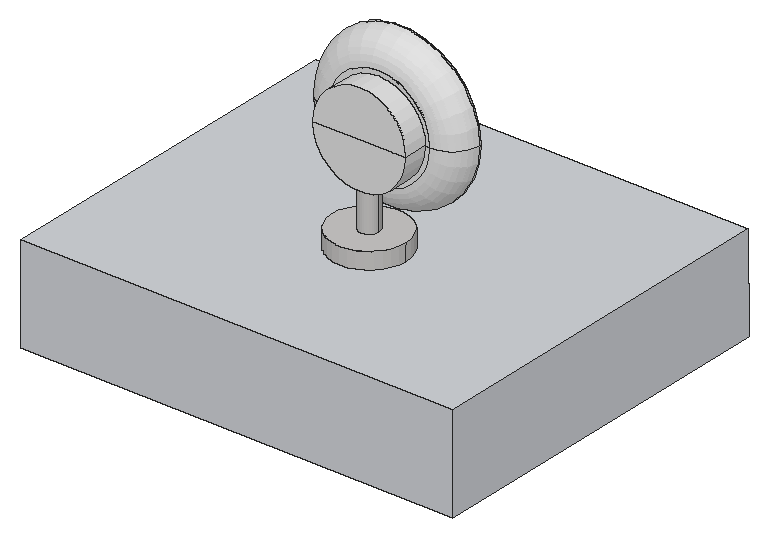
Revit family
Parameters (values of type "as Specified")
  Warranty Duration (Years) = 0
  Unit Width = 0' - 4 3/16"
  Unit Height = 0' - 2 1/32"
  Unit Depth = 0' - 4 3/4"
  URL = "http://www.americanspecialties.com/viewCategories.cfm"
  Mounting Height [instance] = 3' - 0"
  Fixture Material [instance] = Metal - Stainless Steel
  Test Data = ""
  Specification = "http://www.arcat.com/sdspecs/htm/10810asi.htm"
  SpecWizard = ""
  Send Message = "http://www.arcat.com/users.pl?action=UserEmail&company=American%20Specialties,%20Inc.&coid=30448&rep=139&fax=914-476-0688&mf="
  Sales Information = "http://www.americanspecialties.com/contact"
  Revision = "R1_2014-10"
  Product Properties = "http://www.americanspecialties.com/datasheets/7313.pdf"
  Product Data = "http://www.arcat.com/arcatcos/cos30/arc30448.html"
  Model = "7313"
  Manufacturer Website = "http://www.americanspecialties.com/viewCategories.cfm"
  Manufacturer Phone - Toll Free = ""
  Manufacturer Phone = "914-476-9000 "
  Manufacturer Fax = "914-476-0688"
  Manufacturer Address = "441 Saw Mill River Rd., Yonkers, NY 10701"
  Manufacturer = "American Specialties, Inc."
  Maintenance Schedule (Months) = 0
  Keynote = "10 28 13"
  Installation-Fabrication = "http://www.americanspecialties.com/products.cfm"
  Green Building-LEED = ""
  Expected Lifespan (Years) = 0
  Drawn By = "Sumex Design, Inc. / Robert S. Weygant. CSI, CDT, SCIP"
  Dish Material [instance] = Plastic - Formed Plastic
  Description = "ASI Soap Dish - Omara Collection 7313"
  Default Elevation = 0' - 0"
  Copyright = "©Arcat Inc."
  Construction Details = "http://www.arcat.com/green/clients/leed_data_30448.html"
  Building Codes = "http://www.americanspecialties.com/products.cfm"
  Assembly Code = "C1030210"
Reference planes (in)
  plane 1 "Floor Line": z = 0
  plane 2 "Center (Left/Right)": x = 14.00843
  plane 3 "FF": y = -56.93904
  plane 4: y = -20.93904
  plane 5: z = 2.65625
  plane 6: z = 4.75
  plane 7 "x": y = -19.87654
  plane 8: x = 11.91468
  plane 9: x = 16.10218
Forms (in)
  Extrusion 1, solid
    sketch origin (-2.65843, -11.79112, -6) x (0, 0, -1) y (1, 0, 0)
      loop
        line (-3.47624, 22.27006) -> (-6, 22.27006) -> (-6, 10.91686) -> (-3.47624, 10.91686) -> (-3.47624, 22.27006)
    from 13.39792 to 3.72583
  Extrusion 2, solid, material "Metal - Stainless Steel" <- "Fixture Material"
    sketch origin (-8.03125, -0.125, 0) x (1, 0, 0) y (0, 1, 0)
      loop
        circle (22.03968, -20.81404) r 0.96875
    from 0 to 0.4375
  Extrusion 3, solid, material "Metal - Stainless Steel" <- "Fixture Material"
    sketch origin (-8.03125, -3.4375, 0) x (1, 0, 0) y (0, 1, 0)
      loop
        circle (22.03968, -17.50154) r 0.25
    from 0 to 2.65625
  Revolve 4, solid, material "Plastic - Formed Plastic" <- "Dish Material"
    sketch origin (0, -29.58913, 2.65625) x (0, -1, 0) y (1, 0, 0)
      loop
        line (-9.00549, 14.00843) -> (-8.3376, 14.00843) -> (-8.3376, 15.22718) -> (-8.9626, 15.22718) -> (-8.9626, 15.35218)
        arc (-8.9626, 15.35218) -> (-9.16698, 15.86676) -> (-9.66873, 16.10089) r 0.75
        arc (-9.66873, 16.10089) -> (-9.69959, 16.08967) -> (-9.7126, 16.05952) r 0.04145
        line (-9.7126, 16.05952) -> (-9.7126, 16.02784)
        arc (-9.7126, 16.02784) -> (-9.70903, 16.00991) -> (-9.69887, 15.9947) r 0.04688
        line (-9.69887, 15.9947) -> (-9.00549, 15.30132) -> (-9.00549, 14.00843)
      axis (-9.7126, 14.00843) -> (-8.3376, 14.00843)
    angle from 0 to 360
  Extrusion 5, solid, material "Plastic - Formed Plastic" <- "Dish Material"
    sketch origin (-9.15843, -20.93904, 48) x (1, 0, 0) y (0, 0, 1)
      loop
        line (22.45246, -44.52194) -> (22.91056, -45.15248) -> (23.07196, -45.03521) -> (22.61385, -44.40468) -> (22.45246, -44.52194)
      loop
        line (23.43097, -45.15815) -> (23.88908, -44.52762) -> (23.72768, -44.41036) -> (23.26957, -45.04089) -> (23.43097, -45.15815)
      loop
        line (23.42499, -45.53758) -> (24.16623, -45.77842) -> (24.22787, -45.58869) -> (23.48664, -45.34784) -> (23.42499, -45.53758)
      loop
        line (22.16451, -45.76924) -> (22.90575, -45.5284) -> (22.8441, -45.33866) -> (22.10287, -45.5795) -> (22.16451, -45.76924)
      loop
        line (23.06228, -45.64914) -> (23.06228, -46.42852) -> (23.26178, -46.42852) -> (23.26178, -45.64914) -> (23.06228, -45.64914)
      loop
        circle (23.16686, -45.34375) r 0.12927
    from -0.43764 to -0.35539
Cuts and joins
  joined: Extrusion 2, Extrusion 3
Dimensions and locks (in)
  "Mounting Height": plane 3 "FF" to plane 4
  locked: plane 5 to level at 2.65625
  locked: plane 6 to level at 4.75
  locked: plane 4 to Extrusion 3 sketch curve at 0
  locked: plane 4 to Extrusion 2 sketch curve at 0
  plane 7 "x" to plane 4 = 0' - 1 1/16"
  plane 4 to Revolve 4 sketch curve to Revolve 4 sketch curve to Revolve 4 sketch curve = 0' - 0 5/16" locked, 0' - 0.04289" locked, 0' - 0.70711" locked
  equal spacing: plane 8, plane 2 "Center (Left/Right)", plane 9
  "Unit Width": plane 8 to plane 9
  aligned and locked: plane 5 to cut or joined group of Extrusion 2, Extrusion 3
Automatic sketch dimensions
  Extrusion 1 sketch curve to Extrusion 1 sketch curve = 0' - 2.52376"
  Extrusion 1 sketch curve to Extrusion 1 sketch curve = 0' - 11.3532"
  Revolve 4 sketch curve to plane 2 "Center (Left/Right)" = 0' - 0"  (x2)
  Revolve 4 sketch curve to plane 7 "x" = 0' - 0.5543"
  Revolve 4 sketch curve to Revolve 4 sketch curve = 0' - 0.01373"
  Revolve 4 sketch curve to Revolve 4 sketch curve = 0' - 0.04145"
  Revolve 4 sketch curve to Revolve 4 sketch curve = 0' - 0.00242"
  Revolve 4 sketch curve to Revolve 4 sketch curve = 0' - 0"
  Revolve 4 sketch curve to Revolve 4 sketch curve = 0' - 0.00543"
  plane 4 to Revolve 4 sketch curve = 0' - 0 5/16"
  Revolve 4 sketch curve to Revolve 4 sketch curve = 0' - 1.16445"
  Revolve 4 sketch curve to Revolve 4 sketch curve = 0' - 0.07414"
  Revolve 4 sketch curve to Revolve 4 sketch curve = 0' - 0.05086"
  Revolve 4 sketch curve to Revolve 4 sketch curve = 0' - 0.06482"
  Extrusion 5 sketch curve to plane 2 "Center (Left/Right)" = 0' - 0"
  Extrusion 5 sketch curve to plane 5 = 0' - 0"
  Extrusion 5 sketch curve to plane 2 "Center (Left/Right)" = 0' - 0.0949"
  Extrusion 5 sketch curve to plane 2 "Center (Left/Right)" = 0' - 0.10458"
  Extrusion 5 sketch curve to Extrusion 5 sketch curve = 0' - 0.1614"  (x2)
  Extrusion 5 sketch curve to Extrusion 5 sketch curve = 0' - 0.15653"
  plane 5 to Extrusion 5 sketch curve = 0' - 0.00509"
  Extrusion 5 sketch curve to Extrusion 5 sketch curve = 0' - 0.06646"
  plane 2 "Center (Left/Right)" to Extrusion 5 sketch curve = 0' - 0.09492"
  plane 2 "Center (Left/Right)" to Extrusion 5 sketch curve = 0' - 0.10271"
  Extrusion 5 sketch curve to Extrusion 5 sketch curve = 0' - 0.1632"
  Extrusion 5 sketch curve to plane 5 = 0' - 0.00409"
  Extrusion 5 sketch curve to Extrusion 5 sketch curve = 0' - 0.05567"
  Extrusion 5 sketch curve to plane 5 = 0' - 0.18465"
  Extrusion 5 sketch curve to plane 5 = 0' - 0.19383"
  Extrusion 5 sketch curve to Extrusion 5 sketch curve = 0' - 0.11156"
  Extrusion 5 sketch curve to Extrusion 5 sketch curve = 0' - 0.77938"
  plane 5 to Extrusion 5 sketch curve = 0' - 0.1856"
  plane 5 to Extrusion 5 sketch curve = 0' - 0.19127"
  Extrusion 5 sketch curve to Extrusion 5 sketch curve = 0' - 0.11726"
  Extrusion 5 sketch curve to Extrusion 5 sketch curve = 0' - 0.00568"
  plane 2 "Center (Left/Right)" to Revolve 4 sketch curve = 0' - 1 7/32"
  plane 2 "Center (Left/Right)" to Extrusion 5 sketch curve = 0' - 0.56082"
  Extrusion 5 sketch curve to plane 5 = 0' - 0.43467"
  Extrusion 2 sketch curve to plane 2 "Center (Left/Right)" = 0' - 0"
  Extrusion 3 sketch curve to plane 2 "Center (Left/Right)" = 0' - 0"
  Extrusion 5 sketch curve to plane 2 "Center (Left/Right)" = 0' - 0.55301"
  Extrusion 5 sketch curve to plane 5 = 0' - 0.42549"
  radius of Extrusion 2 sketch curve = 0' - 0 31/32"
  radius of Extrusion 3 sketch curve = 0' - 0 1/4"
  radius of Extrusion 5 sketch curve = 0' - 0.12927"
